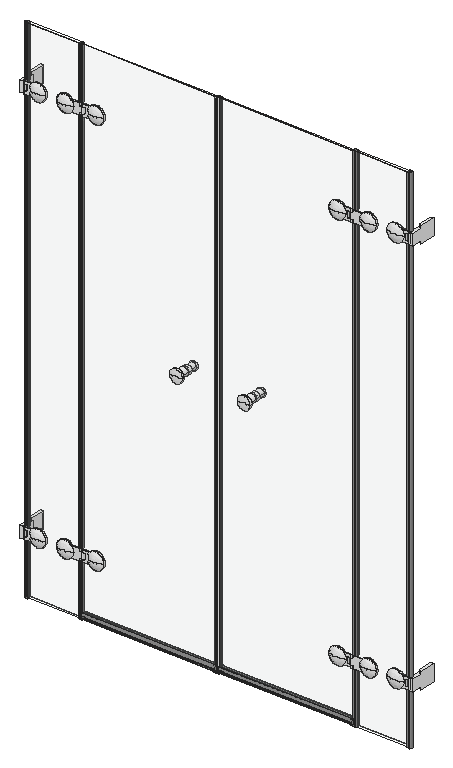
Revit family "Sanitary_Shower-screens_Duscholux_Pure-Style_Hydrus_Separator-Fixed-Segnment+Pivot-door-180°-Bath", category Plumbing Fixtures, Revit 2016
Family settings
  Part Type = Normal
  Round Connector Dimension = Use Diameter
  OmniClass Number = 23.45.00.00
  OmniClass Title = Sanitary, Laundry, and Cleaning Equipment
  Work Plane-Based = No
  Always vertical = Yes
  Cut with Voids When Loaded = No
  Shared = No
  Room Calculation Point = No
Parameters (values of type "Silver Matt Aluminium Finish")
  Width fixed segment = 180 mm
  Width = 1200 mm
  Uniclass 2015 Description = "Shower Enclosures"
  Uniclass 2015 Code = "PR-40-20-06-79"
  URL = "http://www.duscholux.es/"
  UNSPSC Code = "30181507"
  Thickness Glass = 6 mm  # constant formula
  Technical Inspection Certificate (Applus) = "http://www.duscholux.es/resources/custom/var/APPLUS_en.pdf"
  Series = "Pure Style"
  Region South America = "Consult"
  Region Oceania = "Consult"
  Region North America = "Consult"
  Region Middle East = "Consult"
  Region Europe = "AD, ES, FR, PT"
  Region Asia = "Consult"
  Region Antartica = "Consult"
  Region Africa = "Consult"
  Ref. = "4SC"
  Products = "http://www.duscholux.es/mamparas_filtro.aspx?es"
  Product group = "Front for bath"
  Product family = "Pure Style"
  Openning right angle = 0.00°
  Openning left angle = 0.00°
  Opening System Image = "http://blob.duscholux.es/pluma512/FB2f2pabatible180.gif"
  Opening System = "Pivot Door"
  Net Weight (Kg) = 46
  NBS Reference Description = "Shower Enclosures"
  NBS Reference Code = "45-35-70"
  Model = "Hydrus"
  Min Max Width = if(Width < 900 mm, 900 mm, if(Width > 2100 mm, 2100 mm, Width))  # 1200 mm
  Min Max Openning angle = if(Openning left angle < -90.00°, -90.00°, if(Openning left angle > 90.00°, 90.00°, Openning left angle))  # 0.00°
  Max Height = if(Height < 1400 mm, 1400 mm, if(Height > 1600 mm, 1600 mm, Height))  # 1600 mm
  Manufacturer name = "Duscholux Ibérica, S.A."
  Manufacturer country = "Spain"
  Maintenance and Cleaning = "http://www.duscholux.es/mamparas_limpieza.aspx?en"
  Image = "http://www.duscholux.es/resources/custom/img/mamparas/PURE%20STYLE/modelos/2F2PFBA/mampara_h.jpg"
  IFC Classification = "Furnishing Element"
  Height = 1600 mm
  Handle Material = Chrome_Finish
  Handle Height = (Max Height / 2) + Bath Height  # 1200 mm
  Glass in Building UNE EN 12150 = "CE Conformity marking"
  Glass Material = Glass_Material-Duscholux
  Frame Material = Silver Matt Aluminium Finish
  Fact Sheet = "http://blob.duscholux.es/enpdf2018/Hydrus2F2PFB.pdf"
  Manufacturer = "Duscholux Ibérica, S.A."
  Environmental Management ISO 14001 = "ECOEMBES Certificate"
  Edition number = "1"
  Door aperture = (Min Max Width / 2) - Width fixed segment  # 420 mm
  Design country = "Spain / Germany"
  Description = "2 fixed segments + pivot twin doors at 180º for bath"
  Date of publishing = ""
  Bath Height = 400 mm
  Assembly Code = "C1030200"
  Configuration enclosure = "http://configuratumampara.duscholux.es/eCatalogo.aspx"
  Components = "Eropean components"
  Type Comments = ""
  Combinations = "Hinge and handle to choice (Round, square or triangular)"
  Certified Quality UNE EN 14428 = "http://www.duscholux.es/duscholux_downloads.aspx?es"
  COBIe Type Category = ""
  Brand = "Duscholux"
  Accesories Material = Chrome_Finish
Types (3, lengths in mm): name | Width | Min Max Width | Frame Material | Door aperture
  (no name) | 1200 | 1200 | Silver Matt Aluminium Finish | 420
  Silver Matt Aluminium Finish | 1200 | 1200 | Silver Matt Aluminium Finish | 420
  Platinum Aluminium Finish | 1500 | 1500 | Platinum Aluminium Finish | 570
Reference planes
  plane 1 "Centro (Frontal/Posterior)": y = 0
  plane 2: z = 0
  plane 3 "Centro (Izquierda/Derecha)": x = 0
  plane 4: z = 2000
  plane 5: z = 1200
  plane 6: z = 400
  plane 7: x = 4
  plane 8: y = 0
  plane 9: y = 6
  plane 10: x = 1200
  plane 11: z = 1820
  plane 12: y = 8
  plane 13: x = 180
  plane 14: x = 600
  plane 15: x = 1020
  plane 16: x = 1196
  plane 17: z = 408
  plane 18: z = 580
Forms (mm)
  Extrusion 1, solid, material "Glass_Material-Duscholux" <- "Glass Material"
    sketch origin (0, 0, 0) x (1, 0, 0) y (0, 1, 0)
      loop
        line (6, 8) -> (6, 0) -> (174, 0) -> (174, 8) -> (6, 8)
    from 400 to 2000
  Extrusion 2, solid, material "Glass_Material-Duscholux" <- "Glass Material"
    sketch origin (180, 0, 0) x (1, 0, 0) y (0, 1, 0)
      loop
        line (0, 6) -> (0, 0) -> (414.7, 0) -> (414.7, 6) -> (0, 6)
    from 408 to 2000
  Extrusion 3, solid, material "Plástico, transparente"
    sketch origin (-322.583, -171.096, 0) x (1, 0, 0) y (0, 1, 0)
      loop
        line (496.583, 179.096) -> (496.583, 171.096) -> (491.583, 171.096) -> (491.583, 170.096) -> (496.583, 170.096) -> (501.183, 170.096)
        arc (501.183, 170.096) -> (502.583, 175.096) -> (501.183, 180.096) r 9.629
        line (501.183, 180.096) -> (496.583, 180.096) -> (491.583, 180.096) -> (491.583, 179.096) -> (496.583, 179.096)
      loop
        line (497.583, 170.596) -> (500.927, 170.596)
        arc (500.927, 170.596) -> (502.083, 175.096) -> (500.927, 179.596) r 9.338
        line (500.927, 179.596) -> (497.583, 179.596) -> (497.583, 170.596)
    from 1837.5 to 2000
  Extrusion 4, solid, material "Plástico, transparente"
    sketch origin (-322.583, -171.096, 0) x (1, 0, 0) y (0, 1, 0)
      loop
        line (496.583, 179.096) -> (496.583, 171.096) -> (491.583, 171.096) -> (491.583, 170.096) -> (496.583, 170.096) -> (501.183, 170.096)
        arc (501.183, 170.096) -> (502.583, 175.096) -> (501.183, 180.096) r 9.629
        line (501.183, 180.096) -> (496.583, 180.096) -> (491.583, 180.096) -> (491.583, 179.096) -> (496.583, 179.096)
      loop
        line (497.583, 170.596) -> (500.927, 170.596)
        arc (500.927, 170.596) -> (502.083, 175.096) -> (500.927, 179.596) r 9.338
        line (500.927, 179.596) -> (497.583, 179.596) -> (497.583, 170.596)
    from 597.5 to 1802.5
  Extrusion 5, solid, material "Plástico, transparente"
    sketch origin (-322.583, -171.096, 0) x (1, 0, 0) y (0, 1, 0)
      loop
        line (496.583, 179.096) -> (496.583, 171.096) -> (491.583, 171.096) -> (491.583, 170.096) -> (496.583, 170.096) -> (501.183, 170.096)
        arc (501.183, 170.096) -> (502.583, 175.096) -> (501.183, 180.096) r 9.629
        line (501.183, 180.096) -> (496.583, 180.096) -> (491.583, 180.096) -> (491.583, 179.096) -> (496.583, 179.096)
      loop
        line (497.583, 170.596) -> (500.927, 170.596)
        arc (500.927, 170.596) -> (502.083, 175.096) -> (500.927, 179.596) r 9.338
        line (500.927, 179.596) -> (497.583, 179.596) -> (497.583, 170.596)
    from 400 to 562.5
  Extrusion 6, solid, material "Plástico, transparente"
    sketch origin (542.583, -171.096, 0) x (-1, 0, 0) y (0, -1, 0)
      loop
        line (536.583, -179.096) -> (531.583, -179.096) -> (531.583, -180.096) -> (536.583, -180.096) -> (541.183, -180.096)
        arc (541.183, -180.096) -> (542.583, -175.096) -> (541.183, -170.096) r 9.629
        line (541.183, -170.096) -> (536.583, -170.096) -> (531.583, -170.096) -> (531.583, -171.096) -> (536.583, -171.096) -> (536.583, -179.096)
      loop
        line (537.583, -170.596) -> (537.583, -179.596) -> (540.927, -179.596)
        arc (540.927, -179.596) -> (542.083, -175.096) -> (540.927, -170.596) r 9.338
        line (540.927, -170.596) -> (537.583, -170.596)
    from 1837.5 to 2000
  Extrusion 7, solid, material "Plástico, transparente"
    sketch origin (542.583, -171.096, 0) x (-1, 0, 0) y (0, -1, 0)
      loop
        line (536.583, -179.096) -> (531.583, -179.096) -> (531.583, -180.096) -> (536.583, -180.096) -> (541.183, -180.096)
        arc (541.183, -180.096) -> (542.583, -175.096) -> (541.183, -170.096) r 9.629
        line (541.183, -170.096) -> (536.583, -170.096) -> (531.583, -170.096) -> (531.583, -171.096) -> (536.583, -171.096) -> (536.583, -179.096)
      loop
        line (537.583, -170.596) -> (537.583, -179.596) -> (540.927, -179.596)
        arc (540.927, -179.596) -> (542.083, -175.096) -> (540.927, -170.596) r 9.338
        line (540.927, -170.596) -> (537.583, -170.596)
    from 597.5 to 1802.5
  Extrusion 8, solid, material "Plástico, transparente"
    sketch origin (542.583, -171.096, 0) x (-1, 0, 0) y (0, -1, 0)
      loop
        line (536.583, -179.096) -> (531.583, -179.096) -> (531.583, -180.096) -> (536.583, -180.096) -> (541.183, -180.096)
        arc (541.183, -180.096) -> (542.583, -175.096) -> (541.183, -170.096) r 9.629
        line (541.183, -170.096) -> (536.583, -170.096) -> (531.583, -170.096) -> (531.583, -171.096) -> (536.583, -171.096) -> (536.583, -179.096)
      loop
        line (537.583, -170.596) -> (537.583, -179.596) -> (540.927, -179.596)
        arc (540.927, -179.596) -> (542.083, -175.096) -> (540.927, -170.596) r 9.338
        line (540.927, -170.596) -> (537.583, -170.596)
    from 400 to 562.5
  Extrusion 9, solid, material "Chrome_Finish" <- "Accesories Material"
    sketch origin (180, 0.263, 0) x (1, 0, 0) y (0, 1, 0)
      loop
        line (413.404, 6.848) -> (413.404, 5.832) -> (414.7, 5.832) -> (414.7, -0.358) -> (413.404, -0.358) -> (413.404, -1.374)
        arc (413.404, -1.374) -> (416.311, -2.148) -> (419.3, -1.81) r 8.118
        arc (419.3, -1.81) -> (419.806, -1.447) -> (420, -0.856) r 1
        line (420, -0.856) -> (420, 6.329)
        arc (420, 6.329) -> (419.806, 6.921) -> (419.3, 7.283) r 1
        arc (419.3, 7.283) -> (416.311, 7.621) -> (413.404, 6.848) r 8.118
    from 400 to 2000
  Extrusion 10, solid, material "Glass_Material-Duscholux" <- "Glass Material"
    sketch origin (600, 0, 0) x (1, 0, 0) y (0, 1, 0)
      loop
        line (5.3, 6) -> (5.3, 0) -> (420, 0) -> (420, 6) -> (5.3, 6)
    from 408 to 2000
  Extrusion 11, solid, material "Chrome_Finish" <- "Accesories Material"
    sketch origin (600, 0, 0) x (1, 0, 0) y (0, 1, 0)
      loop
        line (6.596, 6.095) -> (6.596, 7.111)
        arc (6.596, 7.111) -> (3.689, 7.884) -> (0.7, 7.547) r 8.118
        arc (0.7, 7.547) -> (0.194, 7.184) -> (0, 6.593) r 1
        line (0, 6.593) -> (0, -0.593)
        arc (0, -0.593) -> (0.194, -1.184) -> (0.7, -1.547) r 1
        arc (0.7, -1.547) -> (3.689, -1.884) -> (6.596, -1.111) r 8.118
        line (6.596, -1.111) -> (6.596, -0.095) -> (5.3, -0.095) -> (5.3, 3) -> (5.3, 6.095) -> (6.596, 6.095)
    from 400 to 2000
  Extrusion 12, solid, material "Plástico, transparente"
    sketch origin (1622.583, -171.096, 0) x (-1, 0, 0) y (0, -1, 0)
      loop
        line (596.583, -179.096) -> (591.583, -179.096) -> (591.583, -180.096) -> (596.583, -180.096) -> (601.183, -180.096)
        arc (601.183, -180.096) -> (602.583, -175.096) -> (601.183, -170.096) r 9.629
        line (601.183, -170.096) -> (596.583, -170.096) -> (591.583, -170.096) -> (591.583, -171.096) -> (596.583, -171.096) -> (596.583, -179.096)
      loop
        line (597.583, -170.596) -> (597.583, -179.596) -> (600.927, -179.596)
        arc (600.927, -179.596) -> (602.083, -175.096) -> (600.927, -170.596) r 9.338
        line (600.927, -170.596) -> (597.583, -170.596)
    from 1837.5 to 2000
  Extrusion 13, solid, material "Plástico, transparente"
    sketch origin (757.417, -171.096, 0) x (1, 0, 0) y (0, 1, 0)
      loop
        line (436.583, 179.096) -> (436.583, 171.096) -> (431.583, 171.096) -> (431.583, 170.096) -> (436.583, 170.096) -> (441.183, 170.096)
        arc (441.183, 170.096) -> (442.583, 175.096) -> (441.183, 180.096) r 9.629
        line (441.183, 180.096) -> (436.583, 180.096) -> (431.583, 180.096) -> (431.583, 179.096) -> (436.583, 179.096)
      loop
        line (437.583, 170.596) -> (440.927, 170.596)
        arc (440.927, 170.596) -> (442.083, 175.096) -> (440.927, 179.596) r 9.338
        line (440.927, 179.596) -> (437.583, 179.596) -> (437.583, 170.596)
    from 1837.5 to 2000
  Extrusion 14, solid, material "Glass_Material-Duscholux" <- "Glass Material"
    sketch origin (0, 0, 0) x (1, 0, 0) y (0, 1, 0)
      loop
        line (1026, 8) -> (1026, 0) -> (1194, 0) -> (1194, 8) -> (1026, 8)
    from 400 to 2000
  Extrusion 15, solid, material "Plástico, transparente"
    sketch origin (1622.583, -171.096, 0) x (-1, 0, 0) y (0, -1, 0)
      loop
        line (596.583, -179.096) -> (591.583, -179.096) -> (591.583, -180.096) -> (596.583, -180.096) -> (601.183, -180.096)
        arc (601.183, -180.096) -> (602.583, -175.096) -> (601.183, -170.096) r 9.629
        line (601.183, -170.096) -> (596.583, -170.096) -> (591.583, -170.096) -> (591.583, -171.096) -> (596.583, -171.096) -> (596.583, -179.096)
      loop
        line (597.583, -170.596) -> (597.583, -179.596) -> (600.927, -179.596)
        arc (600.927, -179.596) -> (602.083, -175.096) -> (600.927, -170.596) r 9.338
        line (600.927, -170.596) -> (597.583, -170.596)
    from 597.5 to 1802.5
  Extrusion 16, solid, material "Plástico, transparente"
    sketch origin (757.417, -171.096, 0) x (1, 0, 0) y (0, 1, 0)
      loop
        line (436.583, 179.096) -> (436.583, 171.096) -> (431.583, 171.096) -> (431.583, 170.096) -> (436.583, 170.096) -> (441.183, 170.096)
        arc (441.183, 170.096) -> (442.583, 175.096) -> (441.183, 180.096) r 9.629
        line (441.183, 180.096) -> (436.583, 180.096) -> (431.583, 180.096) -> (431.583, 179.096) -> (436.583, 179.096)
      loop
        line (437.583, 170.596) -> (440.927, 170.596)
        arc (440.927, 170.596) -> (442.083, 175.096) -> (440.927, 179.596) r 9.338
        line (440.927, 179.596) -> (437.583, 179.596) -> (437.583, 170.596)
    from 597.5 to 1802.5
  Extrusion 17, solid, material "Plástico, transparente"
    sketch origin (1622.583, -171.096, 0) x (-1, 0, 0) y (0, -1, 0)
      loop
        line (596.583, -179.096) -> (591.583, -179.096) -> (591.583, -180.096) -> (596.583, -180.096) -> (601.183, -180.096)
        arc (601.183, -180.096) -> (602.583, -175.096) -> (601.183, -170.096) r 9.629
        line (601.183, -170.096) -> (596.583, -170.096) -> (591.583, -170.096) -> (591.583, -171.096) -> (596.583, -171.096) -> (596.583, -179.096)
      loop
        line (597.583, -170.596) -> (597.583, -179.596) -> (600.927, -179.596)
        arc (600.927, -179.596) -> (602.083, -175.096) -> (600.927, -170.596) r 9.338
        line (600.927, -170.596) -> (597.583, -170.596)
    from 400 to 562.5
  Extrusion 18, solid, material "Plástico, transparente"
    sketch origin (757.417, -171.096, 0) x (1, 0, 0) y (0, 1, 0)
      loop
        line (436.583, 179.096) -> (436.583, 171.096) -> (431.583, 171.096) -> (431.583, 170.096) -> (436.583, 170.096) -> (441.183, 170.096)
        arc (441.183, 170.096) -> (442.583, 175.096) -> (441.183, 180.096) r 9.629
        line (441.183, 180.096) -> (436.583, 180.096) -> (431.583, 180.096) -> (431.583, 179.096) -> (436.583, 179.096)
      loop
        line (437.583, 170.596) -> (440.927, 170.596)
        arc (440.927, 170.596) -> (442.083, 175.096) -> (440.927, 179.596) r 9.338
        line (440.927, 179.596) -> (437.583, 179.596) -> (437.583, 170.596)
    from 400 to 562.5
Lines and regions (mm)
  reference lines
    curve 1: line (180, 0, 0) -> (600, 0, 0)
    curve 2: line (600, 0, 0) -> (1020, 0, 0)
  symbolic lines
    curve 3: line (180, -420, 0) -> (180, 0, 0)
    curve 4: line (180, 420, 0) -> (180, 0, 0)
    curve 5: arc (180, 420, 0) -> (600, 0, 0) -> (180, -420, 0) r 420
    curve 6: line (1020, 420, 0) -> (1020, 0, 0)
    curve 7: line (1020, -420, 0) -> (1020, 0, 0)
    curve 8: arc (1020, -420, 0) -> (600, 0, 0) -> (1020, 420, 0) r 420
Dimensions and locks
  locked: plane 3 "Centro (Izquierda/Derecha)" to plane 7 at 4
  "Handle Height": plane 5 to level
  "Min Max Width": plane 3 "Centro (Izquierda/Derecha)" to plane 10
  locked: nested 5 to Extrusion 4 at 17.5
  locked: Extrusion 3 to plane 11 at 17.5
  "Width fixed segment": plane 3 "Centro (Izquierda/Derecha)" to plane 13
  locked: nested 5 to plane 13 at 6
  locked: plane 13 to nested 5 at 6
  "Door aperture": curve 1 to curve 1
  plane 3 "Centro (Izquierda/Derecha)" to Extrusion 8 = 6 mm
  "Max Height": plane 4 to plane 6
  locked: plane 4 to plane 11 at 180
  locked: nested 11 to plane 11 at 17.5
  equal spacing: plane 3 "Centro (Izquierda/Derecha)", plane 14, plane 10
  locked: nested 7 to Extrusion 2 at 100
  "Width fixed segment": plane 15 to plane 10
  "Door aperture": curve 2 to curve 2
  locked: plane 16 to plane 10 at 4
  "Door aperture": curve 3 to curve 3
  "Door aperture": curve 4 to curve 4
  "Door aperture": curve 6 to curve 6
  "Door aperture": curve 7 to curve 7
  "Bath Height": plane 6 to plane 2
  locked: plane 17 to plane 6 at 8
  locked: plane 18 to plane 6 at 180
  locked: plane 18 to Extrusion 5 at 17.5
  locked: Extrusion 4 to nested 3 at 17.5
  locked: Extrusion 10 to nested 20 at 100
  "Openning left angle": angle curve 1 to plane 8
  "Openning right angle": angle plane 8 to curve 2
  aligned and locked: level to plane 2
  aligned and locked: plane 11 to nested 2
  aligned and locked: plane 4 to Extrusion 1
  aligned and locked: plane 13 to curve 1
  aligned and locked: plane 8 to curve 1
  aligned and locked: plane 4 to Extrusion 2
  aligned and locked: nested 5 to plane 11
  aligned and locked: Extrusion 3 to Extrusion 1
  aligned and locked: nested 7 to nested 6
  aligned and locked: plane 5 to nested 6
  aligned and locked: plane 5 to nested 7
  aligned and locked: nested 5 to nested 3
  aligned and locked: Extrusion 4 to Extrusion 7
  aligned and locked: Extrusion 1 to Extrusion 6
  aligned and locked: Extrusion 6 to Extrusion 3
  aligned and locked: Extrusion 2 to nested 8
  aligned and locked: nested 8 to Extrusion 2
  aligned and locked: nested 4 to Extrusion 2
  aligned and locked: nested 10 to plane 11
  aligned and locked: nested 10 to Extrusion 2
  aligned and locked: plane 4 to Extrusion 9
  aligned and locked: plane 8 to curve 2
  aligned and locked: plane 15 to curve 2
  aligned and locked: plane 4 to Extrusion 10
  aligned and locked: plane 4 to Extrusion 11
  aligned and locked: plane 4 to Extrusion 14
  aligned and locked: plane 11 to nested 15
  aligned and locked: plane 11 to nested 13
  aligned and locked: plane 11 to nested 18
  aligned and locked: nested 19 to plane 11
  aligned and locked: plane 10 to nested 19
  aligned and locked: plane 10 to nested 16
  aligned and locked: nested 18 to nested 17
  aligned and locked: Extrusion 14 to Extrusion 12
  aligned and locked: Extrusion 13 to Extrusion 14
  aligned and locked: Extrusion 3 to Extrusion 12
  aligned and locked: Extrusion 3 to Extrusion 13
  aligned and locked: Extrusion 15 to Extrusion 4
  aligned and locked: Extrusion 4 to Extrusion 15
  aligned and locked: Extrusion 16 to Extrusion 15
  aligned and locked: Extrusion 15 to Extrusion 16
  aligned and locked: Extrusion 17 to Extrusion 14
  aligned and locked: Extrusion 17 to Extrusion 5
  aligned and locked: Extrusion 18 to Extrusion 17
  aligned and locked: plane 5 to nested 20
  aligned and locked: plane 5 to nested 21
  aligned and locked: nested 22 to Extrusion 10
  aligned and locked: Extrusion 1 to plane 6
  aligned and locked: nested 3 to plane 18
  aligned and locked: nested 4 to plane 18
  aligned and locked: plane 18 to nested 14
  aligned and locked: plane 18 to nested 12
  aligned and locked: Extrusion 8 to Extrusion 1
  aligned and locked: Extrusion 1 to Extrusion 5
  aligned and locked: Extrusion 9 to plane 6
  aligned and locked: Extrusion 11 to plane 6
  aligned and locked: Extrusion 2 to Extrusion 10
  aligned and locked: Extrusion 17 to plane 6
  aligned and locked: Extrusion 18 to plane 6
  aligned and locked: Extrusion 10 to plane 17
  aligned and locked: nested 17 to nested 16
  aligned and locked: nested 9 to nested 3
  aligned and locked: nested 17 to nested 14
  aligned and locked: nested 1 to nested 9
  aligned and locked: Extrusion 7 to Extrusion 4
  aligned and locked: Extrusion 5 to Extrusion 8
  aligned and locked: nested 20 to nested 21
  aligned and locked: plane 15 to nested 22
Automatic sketch dimensions
  plane 1 "Centro (Frontal/Posterior)" to Extrusion 1 sketch curve = 0 mm
  Extrusion 1 sketch curve to plane 12 = 0 mm
  plane 7 to Extrusion 1 sketch curve = 2 mm
  Extrusion 1 sketch curve to plane 13 = 6 mm
  Extrusion 2 sketch curve to curve 1 = 0 mm  (x2)
  curve 1 to Extrusion 2 sketch curve = 6 mm
  Extrusion 2 sketch curve to curve 1 = 5.3 mm
  Extrusion 3 sketch curve to plane 12 = 0 mm
  plane 1 "Centro (Frontal/Posterior)" to Extrusion 3 sketch curve = 0 mm
  Extrusion 3 sketch curve to plane 13 = 11 mm
  Extrusion 3 sketch curve to Extrusion 3 sketch curve = 0 mm  (x4)
  Extrusion 3 sketch curve to plane 9 = 2 mm
  Extrusion 3 sketch curve to Extrusion 3 sketch curve = 1.162 mm
  Extrusion 3 sketch curve to Extrusion 3 sketch curve = 0.209 mm
  Extrusion 3 sketch curve to Extrusion 3 sketch curve = 5 mm
  plane 1 "Centro (Frontal/Posterior)" to Extrusion 3 sketch curve = 0.5 mm
  Extrusion 3 sketch curve to Extrusion 3 sketch curve = 1 mm  (x2)
  plane 12 to Extrusion 3 sketch curve = 0.5 mm
  Extrusion 3 sketch curve to plane 13 = 1.656 mm
  Extrusion 3 sketch curve to Extrusion 3 sketch curve = 0.256 mm  (x2)
  Extrusion 4 sketch curve to plane 12 = 0 mm
  plane 1 "Centro (Frontal/Posterior)" to Extrusion 4 sketch curve = 0 mm
  Extrusion 4 sketch curve to plane 13 = 11 mm
  Extrusion 4 sketch curve to Extrusion 4 sketch curve = 0 mm  (x4)
  Extrusion 4 sketch curve to plane 9 = 2 mm
  Extrusion 4 sketch curve to Extrusion 4 sketch curve = 1.162 mm
  Extrusion 4 sketch curve to Extrusion 4 sketch curve = 0.209 mm
  Extrusion 4 sketch curve to Extrusion 4 sketch curve = 5 mm
  plane 1 "Centro (Frontal/Posterior)" to Extrusion 4 sketch curve = 0.5 mm
  Extrusion 4 sketch curve to Extrusion 4 sketch curve = 1 mm  (x2)
  plane 12 to Extrusion 4 sketch curve = 0.5 mm
  Extrusion 4 sketch curve to plane 13 = 1.656 mm
  Extrusion 4 sketch curve to Extrusion 4 sketch curve = 0.256 mm  (x2)
  Extrusion 5 sketch curve to plane 12 = 0 mm
  plane 1 "Centro (Frontal/Posterior)" to Extrusion 5 sketch curve = 0 mm
  Extrusion 5 sketch curve to plane 13 = 11 mm
  Extrusion 5 sketch curve to Extrusion 5 sketch curve = 0 mm  (x4)
  Extrusion 5 sketch curve to plane 9 = 2 mm
  Extrusion 5 sketch curve to Extrusion 5 sketch curve = 1.162 mm
  Extrusion 5 sketch curve to Extrusion 5 sketch curve = 0.209 mm
  Extrusion 5 sketch curve to Extrusion 5 sketch curve = 5 mm
  plane 1 "Centro (Frontal/Posterior)" to Extrusion 5 sketch curve = 0.5 mm
  Extrusion 5 sketch curve to Extrusion 5 sketch curve = 1 mm  (x2)
  plane 12 to Extrusion 5 sketch curve = 0.5 mm
  Extrusion 5 sketch curve to plane 13 = 1.656 mm
  Extrusion 5 sketch curve to Extrusion 5 sketch curve = 0.256 mm  (x2)
  Extrusion 6 sketch curve to plane 12 = 0 mm
  plane 1 "Centro (Frontal/Posterior)" to Extrusion 6 sketch curve = 0 mm
  Extrusion 6 sketch curve to plane 7 = 7 mm  (x2)
  plane 9 to Extrusion 6 sketch curve = 2 mm
  Extrusion 6 sketch curve to Extrusion 6 sketch curve = 1.162 mm
  Extrusion 6 sketch curve to Extrusion 6 sketch curve = 0.209 mm
  Extrusion 6 sketch curve to plane 7 = 2 mm
  Extrusion 6 sketch curve to Extrusion 6 sketch curve = 0 mm  (x3)
  Extrusion 6 sketch curve to plane 1 "Centro (Frontal/Posterior)" = 0.5 mm
  Extrusion 6 sketch curve to plane 7 = 1 mm
  Extrusion 6 sketch curve to plane 12 = 0.5 mm
  Extrusion 6 sketch curve to plane 3 "Centro (Izquierda/Derecha)" = 1.656 mm
  Extrusion 6 sketch curve to Extrusion 6 sketch curve = 0.256 mm  (x2)
  Extrusion 6 sketch curve to plane 1 "Centro (Frontal/Posterior)" = 1 mm
  Extrusion 7 sketch curve to plane 12 = 0 mm
  plane 1 "Centro (Frontal/Posterior)" to Extrusion 7 sketch curve = 0 mm
  Extrusion 7 sketch curve to plane 7 = 7 mm  (x2)
  plane 9 to Extrusion 7 sketch curve = 2 mm
  Extrusion 7 sketch curve to Extrusion 7 sketch curve = 1.162 mm
  Extrusion 7 sketch curve to Extrusion 7 sketch curve = 0.209 mm
  Extrusion 7 sketch curve to plane 7 = 2 mm
  Extrusion 7 sketch curve to Extrusion 7 sketch curve = 0 mm  (x3)
  Extrusion 7 sketch curve to plane 1 "Centro (Frontal/Posterior)" = 0.5 mm
  Extrusion 7 sketch curve to plane 7 = 1 mm
  Extrusion 7 sketch curve to plane 12 = 0.5 mm
  Extrusion 7 sketch curve to plane 3 "Centro (Izquierda/Derecha)" = 1.656 mm
  Extrusion 7 sketch curve to Extrusion 7 sketch curve = 0.256 mm  (x2)
  Extrusion 7 sketch curve to plane 1 "Centro (Frontal/Posterior)" = 1 mm
  Extrusion 8 sketch curve to plane 12 = 0 mm
  plane 1 "Centro (Frontal/Posterior)" to Extrusion 8 sketch curve = 0 mm
  Extrusion 8 sketch curve to plane 7 = 7 mm  (x2)
  plane 9 to Extrusion 8 sketch curve = 2 mm
  Extrusion 8 sketch curve to Extrusion 8 sketch curve = 1.162 mm
  Extrusion 8 sketch curve to Extrusion 8 sketch curve = 0.209 mm
  Extrusion 8 sketch curve to plane 7 = 2 mm
  Extrusion 8 sketch curve to Extrusion 8 sketch curve = 0 mm  (x3)
  Extrusion 8 sketch curve to plane 1 "Centro (Frontal/Posterior)" = 0.5 mm
  Extrusion 8 sketch curve to plane 7 = 1 mm
  Extrusion 8 sketch curve to plane 12 = 0.5 mm
  Extrusion 8 sketch curve to plane 3 "Centro (Izquierda/Derecha)" = 1.656 mm
  Extrusion 8 sketch curve to Extrusion 8 sketch curve = 0.256 mm  (x2)
  Extrusion 8 sketch curve to plane 1 "Centro (Frontal/Posterior)" = 1 mm
  Extrusion 9 sketch curve to curve 1 = 0 mm
  Extrusion 9 sketch curve to curve 1 = 0.593 mm
  curve 1 to Extrusion 9 sketch curve = 6.593 mm
  Extrusion 9 sketch curve to Extrusion 9 sketch curve = 1 mm  (x2)
  Extrusion 9 sketch curve to Extrusion 9 sketch curve = 2.091 mm  (x2)
  curve 1 to Extrusion 9 sketch curve = 0.211 mm
  Extrusion 9 sketch curve to Extrusion 9 sketch curve = 2.209 mm
  curve 1 to Extrusion 9 sketch curve = 0.095 mm
  Extrusion 9 sketch curve to Extrusion 9 sketch curve = 1.296 mm  (x2)
  Extrusion 9 sketch curve to Extrusion 9 sketch curve = 1.016 mm  (x2)
  Extrusion 9 sketch curve to Extrusion 9 sketch curve = 0.498 mm
  Extrusion 9 sketch curve to Extrusion 9 sketch curve = 0.381 mm
  curve 2 to Extrusion 10 sketch curve = 0 mm
  Extrusion 10 sketch curve to curve 2 = 0 mm
  curve 2 to Extrusion 10 sketch curve = 6 mm
  curve 2 to Extrusion 10 sketch curve = 5.3 mm
  curve 2 to Extrusion 11 sketch curve = 0 mm
  Extrusion 11 sketch curve to Extrusion 11 sketch curve = 1 mm  (x2)
  Extrusion 11 sketch curve to Extrusion 11 sketch curve = 2.091 mm  (x2)
  curve 2 to Extrusion 11 sketch curve = 0.211 mm
  Extrusion 11 sketch curve to Extrusion 11 sketch curve = 2.209 mm
  Extrusion 11 sketch curve to Extrusion 11 sketch curve = 1.296 mm  (x2)
  curve 2 to Extrusion 11 sketch curve = 0.095 mm
  curve 2 to Extrusion 11 sketch curve = 0.593 mm
  Extrusion 11 sketch curve to Extrusion 11 sketch curve = 1.016 mm  (x2)
  Extrusion 11 sketch curve to curve 2 = 3 mm
  Extrusion 11 sketch curve to Extrusion 11 sketch curve = 3.095 mm
  Extrusion 11 sketch curve to Extrusion 11 sketch curve = 0.116 mm
  curve 2 to Extrusion 11 sketch curve = 6.593 mm
  Extrusion 12 sketch curve to plane 12 = 0 mm
  plane 1 "Centro (Frontal/Posterior)" to Extrusion 12 sketch curve = 0 mm
  Extrusion 12 sketch curve to plane 15 = 11 mm
  Extrusion 12 sketch curve to Extrusion 12 sketch curve = 0 mm  (x4)
  plane 9 to Extrusion 12 sketch curve = 2 mm
  Extrusion 12 sketch curve to Extrusion 12 sketch curve = 1.162 mm
  Extrusion 12 sketch curve to Extrusion 12 sketch curve = 0.209 mm
  Extrusion 12 sketch curve to Extrusion 12 sketch curve = 5 mm
  Extrusion 12 sketch curve to plane 1 "Centro (Frontal/Posterior)" = 0.5 mm
  Extrusion 12 sketch curve to Extrusion 12 sketch curve = 1 mm  (x2)
  Extrusion 12 sketch curve to plane 12 = 0.5 mm
  Extrusion 12 sketch curve to plane 15 = 1.656 mm
  Extrusion 12 sketch curve to Extrusion 12 sketch curve = 0.256 mm  (x2)
  Extrusion 13 sketch curve to plane 12 = 0 mm
  plane 1 "Centro (Frontal/Posterior)" to Extrusion 13 sketch curve = 0 mm
  Extrusion 13 sketch curve to plane 16 = 7 mm  (x2)
  Extrusion 13 sketch curve to plane 9 = 2 mm
  Extrusion 13 sketch curve to Extrusion 13 sketch curve = 1.162 mm
  Extrusion 13 sketch curve to Extrusion 13 sketch curve = 0.209 mm
  Extrusion 13 sketch curve to plane 16 = 2 mm
  Extrusion 13 sketch curve to Extrusion 13 sketch curve = 0 mm  (x3)
  plane 1 "Centro (Frontal/Posterior)" to Extrusion 13 sketch curve = 0.5 mm
  Extrusion 13 sketch curve to plane 16 = 1 mm
  plane 12 to Extrusion 13 sketch curve = 0.5 mm
  Extrusion 13 sketch curve to plane 10 = 1.656 mm
  Extrusion 13 sketch curve to Extrusion 13 sketch curve = 0.256 mm  (x2)
  Extrusion 13 sketch curve to Extrusion 13 sketch curve = 1 mm
  plane 1 "Centro (Frontal/Posterior)" to Extrusion 14 sketch curve = 0 mm
  Extrusion 14 sketch curve to plane 12 = 0 mm
  plane 15 to Extrusion 14 sketch curve = 6 mm
  Extrusion 14 sketch curve to plane 16 = 2 mm
  Extrusion 15 sketch curve to plane 12 = 0 mm
  plane 1 "Centro (Frontal/Posterior)" to Extrusion 15 sketch curve = 0 mm
  Extrusion 15 sketch curve to plane 15 = 11 mm
  Extrusion 15 sketch curve to Extrusion 15 sketch curve = 0 mm  (x4)
  plane 9 to Extrusion 15 sketch curve = 2 mm
  Extrusion 15 sketch curve to Extrusion 15 sketch curve = 1.162 mm
  Extrusion 15 sketch curve to Extrusion 15 sketch curve = 0.209 mm
  Extrusion 15 sketch curve to Extrusion 15 sketch curve = 5 mm
  Extrusion 15 sketch curve to plane 1 "Centro (Frontal/Posterior)" = 0.5 mm
  Extrusion 15 sketch curve to Extrusion 15 sketch curve = 1 mm  (x2)
  Extrusion 15 sketch curve to plane 12 = 0.5 mm
  Extrusion 15 sketch curve to plane 15 = 1.656 mm
  Extrusion 15 sketch curve to Extrusion 15 sketch curve = 0.256 mm  (x2)
  Extrusion 16 sketch curve to plane 12 = 0 mm
  plane 1 "Centro (Frontal/Posterior)" to Extrusion 16 sketch curve = 0 mm
  Extrusion 16 sketch curve to plane 16 = 7 mm  (x2)
  Extrusion 16 sketch curve to plane 9 = 2 mm
  Extrusion 16 sketch curve to Extrusion 16 sketch curve = 1.162 mm
  Extrusion 16 sketch curve to Extrusion 16 sketch curve = 0.209 mm
  Extrusion 16 sketch curve to plane 16 = 2 mm
  Extrusion 16 sketch curve to Extrusion 16 sketch curve = 0 mm  (x3)
  plane 1 "Centro (Frontal/Posterior)" to Extrusion 16 sketch curve = 0.5 mm
  Extrusion 16 sketch curve to plane 16 = 1 mm
  plane 12 to Extrusion 16 sketch curve = 0.5 mm
  Extrusion 16 sketch curve to plane 10 = 1.656 mm
  Extrusion 16 sketch curve to Extrusion 16 sketch curve = 0.256 mm  (x2)
  Extrusion 16 sketch curve to Extrusion 16 sketch curve = 1 mm
  Extrusion 17 sketch curve to plane 12 = 0 mm
  plane 1 "Centro (Frontal/Posterior)" to Extrusion 17 sketch curve = 0 mm
  Extrusion 17 sketch curve to plane 15 = 11 mm
  Extrusion 17 sketch curve to Extrusion 17 sketch curve = 0 mm  (x4)
  plane 9 to Extrusion 17 sketch curve = 2 mm
  Extrusion 17 sketch curve to Extrusion 17 sketch curve = 1.162 mm
  Extrusion 17 sketch curve to Extrusion 17 sketch curve = 0.209 mm
  Extrusion 17 sketch curve to Extrusion 17 sketch curve = 5 mm
  Extrusion 17 sketch curve to plane 1 "Centro (Frontal/Posterior)" = 0.5 mm
  Extrusion 17 sketch curve to Extrusion 17 sketch curve = 1 mm
  Extrusion 17 sketch curve to plane 12 = 0.5 mm
  Extrusion 17 sketch curve to plane 15 = 1.656 mm
  Extrusion 17 sketch curve to Extrusion 17 sketch curve = 0.256 mm  (x2)
  Extrusion 17 sketch curve to plane 1 "Centro (Frontal/Posterior)" = 1 mm
  Extrusion 18 sketch curve to plane 12 = 0 mm
  plane 1 "Centro (Frontal/Posterior)" to Extrusion 18 sketch curve = 0 mm
  Extrusion 18 sketch curve to plane 16 = 7 mm
  Extrusion 18 sketch curve to Extrusion 18 sketch curve = 0 mm  (x4)
  Extrusion 18 sketch curve to plane 9 = 2 mm
  Extrusion 18 sketch curve to Extrusion 18 sketch curve = 1.162 mm
  Extrusion 18 sketch curve to Extrusion 18 sketch curve = 0.209 mm
  Extrusion 18 sketch curve to Extrusion 18 sketch curve = 5 mm
  plane 1 "Centro (Frontal/Posterior)" to Extrusion 18 sketch curve = 0.5 mm
  Extrusion 18 sketch curve to Extrusion 18 sketch curve = 1 mm  (x2)
  plane 12 to Extrusion 18 sketch curve = 0.5 mm
  Extrusion 18 sketch curve to Extrusion 18 sketch curve = 3.344 mm
  Extrusion 18 sketch curve to Extrusion 18 sketch curve = 0.256 mm  (x2)
  plane 1 "Centro (Frontal/Posterior)" to curve 3 = 0 mm
  curve 3 to plane 13 = 0 mm
  curve 6 to plane 15 = 0 mm
  plane 1 "Centro (Frontal/Posterior)" to curve 7 = 0 mm
Nested families
  nested 1: "Hinge (Wall)" at (0, 0, 555), type "Hinge (Wall)"
  nested 2: "Hinge (Wall)" at (0, 0, 1795), type "Hinge (Wall)"
  nested 3: "Hinge (Fixed segment)" at (178, 0, 580) x (1, 0, 0) z (0, -1, 0), type "Hinge (Fixed segment)"
  nested 4: "Hinge (Door)" at (180, 0, 580) x (1, 0, 0) z (0, -1, 0), type "Hinge (Door)"
  nested 5: "Hinge (Fixed segment)" at (178, 0, 1820) x (1, 0, 0) z (0, -1, 0), type "Hinge (Fixed segment)"
  nested 6: "Ext.-Handle-Purestyle" at (494.7, 0, 1200) x (-1, 0, 0) z (0, -1, 0), type "Ext.-Handle-Purestyle"
  nested 7: "Int.-Handle-Purestyle" at (494.7, 6, 1200) x (1, 0, 0) z (0, 1, 0), type "Int.-Handle-Purestyle"
  nested 8: "Lower- Guide" at (180, 2.737, 408), type "Lower-Guide"
    with built-in parameter 1001306 1.3606 (stored number, unit not read)
  nested 9: "Hinge (Glass)" at (0, 0, 580) x (1, 0, 0) z (0, -1, 0), type "Hinge (Glass)"
  nested 10: "Hinge (Door)" at (180, 0, 1820) x (1, 0, 0) z (0, -1, 0), type "Hinge (Door)"
  nested 11: "Hinge (Glass)" at (0, 0, 1820) x (1, 0, 0) z (0, -1, 0), type "Hinge (Glass)"
  nested 12: "Hinge (Door)" at (1020, 0, 580) x (-1, 0, 0) z (0, -1, 0), type "Hinge (Door)"
  nested 13: "Hinge (Door)" at (1020, 0, 1820) x (-1, 0, 0) z (0, -1, 0), type "Hinge (Door)"
  nested 14: "Hinge (Fixed segment)" at (1022, 0, 580) x (-1, 0, 0) z (0, -1, 0), type "Hinge (Fixed segment)"
  nested 15: "Hinge (Fixed segment)" at (1022, 0, 1820) x (-1, 0, 0) z (0, -1, 0), type "Hinge (Fixed segment)"
  nested 16: "Hinge (Wall)" at (1200, 0, 555) x (-1, 0, 0) z (0, 0, 1), type "Hinge (Wall)"
  nested 17: "Hinge (Glass)" at (1200, 0, 580) x (-1, 0, 0) z (0, -1, 0), type "Hinge (Glass)"
  nested 18: "Hinge (Glass)" at (1200, 0, 1820) x (-1, 0, 0) z (0, -1, 0), type "Hinge (Glass)"
  nested 19: "Hinge (Wall)" at (1200, 0, 1795) x (-1, 0, 0) z (0, 0, 1), type "Hinge (Wall)"
  nested 20: "Ext.-Handle-Purestyle" at (705.3, 0, 1200) x (-1, 0, 0) z (0, -1, 0), type "Ext.-Handle-Purestyle"
  nested 21: "Int.-Handle-Purestyle" at (705.3, 6, 1200) x (1, 0, 0) z (0, 1, 0), type "Int.-Handle-Purestyle"
  nested 22: "Lower- Guide" at (605.3, 2.717, 408), type "Lower-Guide"
    with built-in parameter 1001306 1.3606 (stored number, unit not read)
Definition of nested family "Hinge (Wall)"
  Parameters (values of type "pletina pared")
    Material Accesorios = none
    Accesories Material = none
  Reference planes
    plane 1 "Centro (Frontal/Posterior)": y = 0
    plane 2: z = 0
    plane 3 "Centro (Izquierda/Derecha)": x = 0
    plane 4: z = 50
    plane 5: z = 42.5
    plane 6: z = 7.5
    plane 7: z = 25
  Forms (mm)
    Extrusion 1, solid, material <- "Accesories Material"
      sketch origin (0, 0, 0) x (1, 0, 0) y (0, 1, 0)
        loop
          line (-3.514, 75) -> (-10, 75) -> (-10, -4) -> (0, -4) -> (0, 32) -> (-1.514, 32) -> (-1.514, 73)
          arc (-1.514, 73) -> (-2.1, 74.414) -> (-3.514, 75) r 2
      from 0 to 50
    Extrusion 2, void
      sketch origin (0, 0, 0) x (1, 0, 0) y (0, 1, 0)
        loop
          line (-10, -4) -> (0, -4) -> (0, 32) -> (-1.514, 32) -> (-10, 26.002) -> (-10, -4)
      from 42.5 to 50
    Extrusion 3, void
      sketch origin (0, 0, 0) x (1, 0, 0) y (0, 1, 0)
        loop
          line (-10, 26.002) -> (-10, -4) -> (0, -4) -> (0, 32) -> (-1.514, 32) -> (-10, 26.002)
      from 0 to 7.5
  Cuts and joins
    Extrusion 2, Extrusion 3 cuts Extrusion 1
  Dimensions and locks
    equal spacing: plane 4, plane 7, level
    aligned and locked: level to plane 2
    aligned and locked: plane 4 to Extrusion 1
    aligned and locked: Extrusion 2 to Extrusion 1
    aligned and locked: Extrusion 2 to plane 5
    aligned and locked: Extrusion 3 to level
    aligned and locked: plane 6 to Extrusion 3
    aligned and locked: Extrusion 1 to Extrusion 2
    aligned and locked: Extrusion 1 to Extrusion 3
  Automatic sketch dimensions
    Extrusion 1 sketch curve to plane 3 "Centro (Izquierda/Derecha)" = 0 mm
    Extrusion 1 sketch curve to plane 3 "Centro (Izquierda/Derecha)" = 1.514 mm
    Extrusion 1 sketch curve to Extrusion 1 sketch curve = 2 mm
    plane 1 "Centro (Frontal/Posterior)" to Extrusion 1 sketch curve = 4 mm
    Extrusion 1 sketch curve to plane 3 "Centro (Izquierda/Derecha)" = 10 mm
    Extrusion 1 sketch curve to plane 1 "Centro (Frontal/Posterior)" = 32 mm
    Extrusion 1 sketch curve to Extrusion 1 sketch curve = 41 mm
    Extrusion 2 sketch curve to plane 3 "Centro (Izquierda/Derecha)" = 0 mm
    Extrusion 2 sketch curve to plane 3 "Centro (Izquierda/Derecha)" = 1.514 mm
    plane 1 "Centro (Frontal/Posterior)" to Extrusion 2 sketch curve = 4 mm
    Extrusion 2 sketch curve to plane 3 "Centro (Izquierda/Derecha)" = 10 mm
    Extrusion 2 sketch curve to plane 1 "Centro (Frontal/Posterior)" = 26.002 mm
    Extrusion 2 sketch curve to Extrusion 2 sketch curve = 5.998 mm
    Extrusion 3 sketch curve to plane 3 "Centro (Izquierda/Derecha)" = 0 mm
    Extrusion 3 sketch curve to plane 3 "Centro (Izquierda/Derecha)" = 1.514 mm
    Extrusion 3 sketch curve to plane 3 "Centro (Izquierda/Derecha)" = 10 mm
    plane 1 "Centro (Frontal/Posterior)" to Extrusion 3 sketch curve = 4 mm
    Extrusion 3 sketch curve to plane 1 "Centro (Frontal/Posterior)" = 26.002 mm
    Extrusion 3 sketch curve to Extrusion 3 sketch curve = 5.998 mm
Definition of nested family "Hinge (Fixed segment)"
  Parameters (values of type "pletina fijo")
    Default Elevation = 1219.2 mm
    Accesories Material = none
  Reference planes
    plane 1 "Centro (Frontal/Posterior)": y = 0
    plane 2: z = 0
    plane 3 "Centro (Izquierda/Derecha)": x = 0
    plane 4: y = 17.5
    plane 5: y = -17.5
    plane 6: x = 43.993
  Forms (mm)
    Extrusion 1, solid
      sketch origin (0, 0, 0) x (1, 0, 0) y (0, 1, 0)
        loop
          line (-1219.2, 1219.2) -> (-1219.2, -1219.2) -> (1219.2, -1219.2) -> (1219.2, 1219.2) -> (-1219.2, 1219.2)
      from 0 to -304.8
    Extrusion 2, solid, material <- "Accesories Material"
      sketch origin (-4, 0, 0) x (-1, 0, 0) y (0, -1, 0)
        loop
          line (0, -17.5) -> (25.565, -17.5)
          arc (25.565, -17.5) -> (70.793, 0) -> (25.565, 17.5) r 26
          line (25.565, 17.5) -> (0, 17.5) -> (0, -17.5)
      from 0 to 4
    Extrusion 3, solid, material <- "Accesories Material"
      sketch origin (0, 0, 0) x (1, 0, 0) y (0, 1, 0)
        loop
          line (0, -9.5) -> (0, 9.5) -> (-4, 9.5) -> (-4, -9.5) -> (0, -9.5)
      from 0 to 4
    Revolve 4, solid, material <- "Accesories Material"
      sketch origin (-92.787, 0, 0) x (1, 0, 0) y (0, 0, 1)
        loop
          arc (69.993, 4) -> (57.6, 9.978) -> (43.993, 12.031) r 46.1
          line (43.993, 12.031) -> (43.993, 4) -> (69.993, 4)
        axis (43.993, 12.031) -> (43.993, 4)
      angle from 0 to 360
    Extrusion 5, solid, material <- "Accesories Material"
      sketch origin (0, 0, 0) x (1, 0, 0) y (0, 0, 1)
        loop
          line (0, 4) -> (0, 0) -> (8, 0)
          arc (8, 0) -> (6.828, 2.828) -> (4, 4) r 4
          line (4, 4) -> (0, 4)
      from -9.5 to 9.5
  Cuts and joins
    joined: Extrusion 2, Extrusion 3, Extrusion 5
  Dimensions and locks
    aligned and locked: plane 2 to Extrusion 1
    aligned and locked: level to Extrusion 1
    aligned and locked: Extrusion 5 to cut or joined group of Extrusion 2, Extrusion 3, Extrusion 5
    aligned and locked: cut or joined group of Extrusion 2, Extrusion 3, Extrusion 5 to Extrusion 5
Definition of nested family "Hinge (Door)"
  Parameters (values of type "pletina puerta")
    Default Elevation = 1219.2 mm
    Accesories Material = none
  Reference planes
    plane 1 "Centro (Frontal/Posterior)": y = 0
    plane 2: z = 0
    plane 3 "Centro (Izquierda/Derecha)": x = 0
    plane 4: y = 17.5
    plane 5: y = -17.5
    plane 6: x = 43.993
  Forms (mm)
    Extrusion 1, solid
      sketch origin (0, 0, 0) x (1, 0, 0) y (0, 1, 0)
        loop
          line (-1219.2, 1219.2) -> (-1219.2, -1219.2) -> (1219.2, -1219.2) -> (1219.2, 1219.2) -> (-1219.2, 1219.2)
      from 0 to -304.8
    Revolve 2, solid, material <- "Accesories Material"
      sketch origin (0.8, 0, 0) x (1, 0, 0) y (0, 0, 1)
        loop
          arc (69.993, 4) -> (57.6, 9.978) -> (43.993, 12.031) r 46.1
          line (43.993, 12.031) -> (43.993, 4) -> (69.993, 4)
        axis (43.993, 12.031) -> (43.993, 4)
      angle from 0 to 360
    Extrusion 3, void
      sketch origin (0, 0, 0) x (1, 0, 0) y (0, 0, 1)
        loop
          arc (0, 0) -> (1.172, 2.828) -> (4, 4) r 4
          line (4, 4) -> (0, 4) -> (0, 0)
      from 9.5 to 17.5
    Extrusion 4, solid, material <- "Accesories Material"
      sketch origin (0, 0, 0) x (1, 0, 0) y (0, 1, 0)
        loop
          line (0, 17.5) -> (0, 9.5) -> (13.5, 9.5) -> (13.5, -9.5) -> (0, -9.5) -> (0, -17.5) -> (25.577, -17.5)
          arc (25.577, -17.5) -> (70.793, 0.017) -> (25.565, 17.5) r 25.997
          line (25.565, 17.5) -> (0, 17.5)
      from 0 to 4
    Extrusion 5, void
      sketch origin (0, 0, 0) x (1, 0, 0) y (0, 0, 1)
        loop
          arc (0, 0) -> (1.172, 2.828) -> (4, 4) r 4
          line (4, 4) -> (0, 4) -> (0, 0)
      from -17.5 to -9.5
  Cuts and joins
    Extrusion 3 cuts Revolve 2
    Extrusion 3, Extrusion 5 cuts Extrusion 4
  Dimensions and locks
    aligned and locked: plane 2 to Extrusion 1
    aligned and locked: level to Extrusion 1
    aligned and locked: Extrusion 4 to cut or joined group of Revolve 2, Extrusion 3
    aligned and locked: plane 4 to Extrusion 5
    aligned and locked: Extrusion 5 to Extrusion 4
Definition of nested family "Ext.-Handle-Purestyle"
  Parameters (values of type "Ext.-Handle-Purestyle")
    Handle Material = none
    Default Elevation = 1219.2 mm
  Reference planes
    plane 1 "Centro (Frontal/Posterior)": y = 0
    plane 2: z = 0
    plane 3 "Centro (Izquierda/Derecha)": x = 0
    plane 4: z = 25
    plane 5: z = 30
    plane 6: z = 27.5
  Forms (mm)
    Extrusion 1, solid
      sketch origin (0, 0, 0) x (1, 0, 0) y (0, 1, 0)
        loop
          line (-1219.2, 1219.2) -> (-1219.2, -1219.2) -> (1219.2, -1219.2) -> (1219.2, 1219.2) -> (-1219.2, 1219.2)
      from 0 to -304.8
    Extrusion 2, solid, material <- "Handle Material"
      sketch origin (0, 0, 0) x (1, 0, 0) y (0, 1, 0)
        loop
          circle (0, 0) r 12.542
      from 0 to 25
    Extrusion 3, solid, material <- "Handle Material"
      sketch origin (0, 0, 0) x (1, 0, 0) y (0, 1, 0)
        loop
          circle (0, 0) r 20
      from 25 to 30
    Revolve 4, solid, material <- "Handle Material"
      sketch origin (0, 0, 0) x (1, 0, 0) y (0, 0, 1)
        loop
          line (0, 30) -> (20, 30)
          arc (20, 30) -> (10.059, 31.59) -> (0, 32.01) r 86.26
          line (0, 32.01) -> (0, 30)
        axis (0, 32.01) -> (0, 30)
      angle from 0 to 360
    Revolve 5, solid, material <- "Handle Material"
      sketch origin (0, 0, 55) x (1, 0, 0) y (0, 0, -1)
        loop
          line (0, 30) -> (20, 30)
          arc (20, 30) -> (10.059, 31.59) -> (0, 32.01) r 86.26
          line (0, 32.01) -> (0, 30)
        axis (0, 32.01) -> (0, 30)
      angle from 0 to 360
  Cuts and joins
    joined: Extrusion 2, Extrusion 3, Revolve 4, Revolve 5
  Dimensions and locks
    aligned and locked: plane 2 to Extrusion 1
    aligned and locked: level to Extrusion 1
    aligned and locked: Extrusion 3 to Extrusion 2
    aligned and locked: plane 5 to Extrusion 3
Definition of nested family "Int.-Handle-Purestyle"
  Parameters (values of type "Int.-Handle-Purestyle")
    Handle Material = none
    Default Elevation = 1219.2 mm
  Reference planes
    plane 1 "Centro (Frontal/Posterior)": y = 0
    plane 2: z = 0
    plane 3 "Centro (Izquierda/Derecha)": x = 0
    plane 4: z = 10
    plane 5: z = 30
    plane 6: z = 33
  Forms (mm)
    Extrusion 1, solid
      sketch origin (0, 0, 0) x (1, 0, 0) y (0, 1, 0)
        loop
          line (-1219.2, 1219.2) -> (-1219.2, -1219.2) -> (1219.2, -1219.2) -> (1219.2, 1219.2) -> (-1219.2, 1219.2)
      from 0 to -304.8
    Extrusion 2, solid, material <- "Handle Material"
      sketch origin (0, 0, 0) x (1, 0, 0) y (0, 1, 0)
        loop
          circle (0, 0) r 12.518
      from 0 to 10
    Extrusion 3, solid, material <- "Handle Material"
      sketch origin (0, 0, 0) x (1, 0, 0) y (0, 1, 0)
        loop
          circle (0, 0) r 10
      from 10 to 30
    Extrusion 4, solid, material <- "Handle Material"
      sketch origin (0, 0, 0) x (1, 0, 0) y (0, 1, 0)
        loop
          circle (0, 0) r 12.518
      from 30 to 33
  Cuts and joins
    joined: Extrusion 2, Extrusion 3, Extrusion 4
  Dimensions and locks
    aligned and locked: plane 2 to Extrusion 1
    aligned and locked: level to Extrusion 1
    aligned and locked: Extrusion 3 to Extrusion 2
    aligned and locked: Extrusion 4 to Extrusion 3
    aligned and locked: plane 6 to Extrusion 4
Definition of nested family "Lower- Guide"
  Parameters (values of type "Lower-Guide")
    built-in parameter 1001306 [instance] = 800 mm
  Reference planes
    plane 1 "Centro (Frontal/Posterior)": y = 0
    plane 2: z = 0
    plane 3 "Izquierda": x = 0
    plane 4 "Derecha": x = 800
    plane 5: z = 0
  Forms (mm)
    Extrusion 1, solid
      sketch origin (0, 0, 0) x (0, 1, 0) y (0, 0, 1)
        loop
          line (-4.2, 0) -> (-3, 12) -> (-4.5, 12) -> (-5.692, 0.15)
          arc (-5.692, 0.15) -> (-5.345, -0.968) -> (-4.3, -1.497) r 1.5
          line (-4.3, -1.497) -> (-4.3, -5.874)
          arc (-4.3, -5.874) -> (-3.9, -6.274) -> (-3.5, -5.874) r 0.4
          line (-3.5, -5.874) -> (-3.5, -1.5) -> (3.5, -1.5) -> (3.5, -7.653)
          arc (3.5, -7.653) -> (3.9, -8.053) -> (4.3, -7.653) r 0.4
          line (4.3, -7.653) -> (4.3, -1.508) -> (5.754, -1.508) -> (11.976, -3.947)
          arc (11.976, -3.947) -> (12.62, -3.771) -> (12.515, -3.111) r 0.5
          line (12.515, -3.111) -> (9.056, -1.58)
          arc (9.056, -1.58) -> (6.398, 0.585) -> (5.211, 3.802) r 6.5
          line (5.211, 3.802) -> (4.5, 12) -> (3, 12) -> (4.2, 0) -> (-4.2, 0)
      from 0 to 800
  Lines and regions (mm)
    reference lines
      curve 1: line (0, 0, 0) -> (800, 0, 0)
  Dimensions and locks
    "built-in parameter 1001306": plane 3 "Izquierda" to plane 4 "Derecha"
    aligned and locked: plane 4 "Derecha" to curve 1
    aligned and locked: plane 1 "Centro (Frontal/Posterior)" to curve 1
    aligned and locked: plane 3 "Izquierda" to curve 1
    aligned and locked: level to plane 2
    aligned and locked: plane 4 "Derecha" to Extrusion 1
  Automatic sketch dimensions
    Extrusion 1 sketch curve to level = 0 mm  (x2)
    Extrusion 1 sketch curve to Extrusion 1 sketch curve = 0.4 mm  (x3)
    Extrusion 1 sketch curve to Extrusion 1 sketch curve = 0 mm  (x2)
    Extrusion 1 sketch curve to Extrusion 1 sketch curve = 1.5 mm  (x2)
    Extrusion 1 sketch curve to Extrusion 1 sketch curve = 1.454 mm
    Extrusion 1 sketch curve to level = 1.58 mm
    Extrusion 1 sketch curve to Extrusion 1 sketch curve = 3.301 mm
    level to Extrusion 1 sketch curve = 4.364 mm
    Extrusion 1 sketch curve to Extrusion 1 sketch curve = 2.632 mm
    Extrusion 1 sketch curve to level = 3.947 mm
    Extrusion 1 sketch curve to Extrusion 1 sketch curve = 2.921 mm
    Extrusion 1 sketch curve to Extrusion 1 sketch curve = 0.224 mm
    Extrusion 1 sketch curve to level = 3.111 mm
    Extrusion 1 sketch curve to Extrusion 1 sketch curve = 0.315 mm
    Extrusion 1 sketch curve to level = 5.874 mm
    Extrusion 1 sketch curve to Extrusion 1 sketch curve = 1.778 mm
    Extrusion 1 sketch curve to level = 1.508 mm
    Extrusion 1 sketch curve to level = 1.5 mm
    Extrusion 1 sketch curve to Extrusion 1 sketch curve = 0.003 mm
    level to Extrusion 1 sketch curve = 12 mm
    level to Extrusion 1 sketch curve = 0.15 mm
    plane 1 "Centro (Frontal/Posterior)" to Extrusion 1 sketch curve = 3 mm
    plane 1 "Centro (Frontal/Posterior)" to Extrusion 1 sketch curve = 3.5 mm
    Extrusion 1 sketch curve to Extrusion 1 sketch curve = 0.1 mm  (x2)
    Extrusion 1 sketch curve to plane 1 "Centro (Frontal/Posterior)" = 3 mm
    Extrusion 1 sketch curve to plane 1 "Centro (Frontal/Posterior)" = 3.5 mm
    Extrusion 1 sketch curve to Extrusion 1 sketch curve = 0.799 mm
    level to Extrusion 1 sketch curve = 3.802 mm
Definition of nested family "Hinge (Glass)"
  Parameters (values of type "Hinge (Glass)")
    Default Elevation = 1219.2 mm
    Accesories Material = none
  Reference planes
    plane 1 "Centro (Frontal/Posterior)": y = 0
    plane 2: z = 0
    plane 3 "Centro (Izquierda/Derecha)": x = 0
    plane 4: y = 17.5
    plane 5: y = -17.5
    plane 6: x = 43.993
  Forms (mm)
    Extrusion 1, solid
      sketch origin (0, 0, 0) x (1, 0, 0) y (0, 1, 0)
        loop
          line (-1219.2, 1219.2) -> (-1219.2, -1219.2) -> (1219.2, -1219.2) -> (1219.2, 1219.2) -> (-1219.2, 1219.2)
      from 0 to -304.8
    Extrusion 2, solid, material <- "Accesories Material"
      sketch origin (0.8, 0, 0) x (1, 0, 0) y (0, 1, 0)
        loop
          line (-0.8, 17.5) -> (-0.8, -17.5) -> (24.777, -17.5)
          arc (24.777, -17.5) -> (69.993, 0) -> (24.777, 17.5) r 25.995
          line (24.777, 17.5) -> (-0.8, 17.5)
        loop
          line (3.2, 9.5) -> (3.2, -9.5) -> (12.7, -9.5) -> (12.7, 9.5) -> (3.2, 9.5)
      from 0 to 4
    Revolve 3, solid, material <- "Accesories Material"
      sketch origin (0.8, 0, 0) x (1, 0, 0) y (0, 0, 1)
        loop
          arc (69.993, 4) -> (57.6, 9.978) -> (43.993, 12.031) r 46.1
          line (43.993, 12.031) -> (43.993, 4) -> (69.993, 4)
        axis (43.993, 12.031) -> (43.993, 4)
      angle from 0 to 360
    Extrusion 4, void
      sketch origin (0, 0, 0) x (1, 0, 0) y (0, 0, 1)
        loop
          arc (0, 0) -> (1.172, 2.828) -> (4, 4) r 4
          line (4, 4) -> (0, 4) -> (0, 0)
      from -17.5 to 17.5
  Cuts and joins
    Extrusion 4 cuts Extrusion 2
    Extrusion 4 cuts Revolve 3
    joined: Extrusion 2, Revolve 3
  Dimensions and locks
    aligned and locked: plane 2 to Extrusion 1
    aligned and locked: level to Extrusion 1
    aligned and locked: Extrusion 2 to plane 3 "Centro (Izquierda/Derecha)"
    aligned and locked: cut or joined group of Extrusion 2, Revolve 3, Extrusion 4 to cut or joined group of Extrusion 2, Revolve 3, Extrusion 4
    aligned and locked: Extrusion 2 to Extrusion 4
